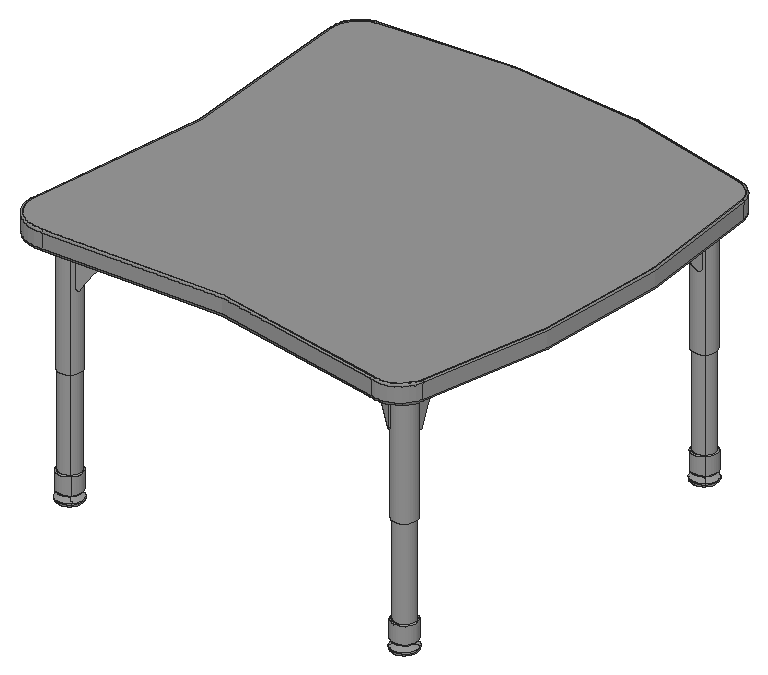
Revit family "Hierarchy Creator Square Table - Youth Height", category Furniture, Revit 2018
Family settings
  Work Plane-Based = No
  Always vertical = Yes
  Cut with Voids When Loaded = No
  Shared = No
  Room Calculation Point = No
Parameters
  Table Height = 1' - 4"
  Surface = Hierarchy Creator Square Table Youth Surface
  Leg Finish = Hierarchy Leg Platinum
  Edgeband = Hierarchy Creator Square Table Youth Edgeband
  Caster/Glide = Hierarchy Youth Leg - Glide : Hierarchy Youth Leg - Glide
Reference planes (in)
  plane 1 "Center (Front/Back)": y = 0
  plane 2: z = 0
  plane 3 "Center (Left/Right)": x = 0
  plane 4 "Table Height": z = 16
Dimensions and locks (in)
  "Table Height": plane 4 "Table Height" to level
  aligned and locked: plane 2 to level
  aligned and locked: nested 1 to plane 4 "Table Height"
Nested families (in)
  nested 1: "Creator Square Tabletop" at (0, 0, -11.14175), type "Creator Square Tabletop"
  nested 2: "Hierarchy Youth Leg - Glide" at (-12.11533, 13.32396, 0) x (0.7071, 0.7071, 0) z (0, 0, 1), type <- "Caster/Glide", Leg Finish <- "Leg Finish", Leg Height <- "Table Height", type "Hierarchy Youth Leg - Glide"
    with Leg Height 1' - 4", Leg Finish Hierarchy Leg Platinum
  nested 3: "Hierarchy Youth Leg - Glide" at (-12.92219, -10.42013, 0) x (-0.7071, 0.7071, 0) z (0, 0, 1), type <- "Caster/Glide", Leg Finish <- "Leg Finish", Leg Height <- "Table Height", type "Hierarchy Youth Leg - Glide"
    with Leg Height 1' - 4", Leg Finish Hierarchy Leg Platinum
  nested 4: "Hierarchy Youth Leg - Glide" at (10.70904, -11.9148, 0) x (-0.8, -0.6, 0) z (0, 0, 1), Leg Finish <- "Leg Finish", Leg Height <- "Table Height", type "Hierarchy Youth Leg - Glide"
    with Leg Height 1' - 4", Leg Finish Hierarchy Leg Platinum
  nested 5: "Hierarchy Youth Leg - Glide" at (11.68714, 12.00247, 0) x (0.7071, -0.7071, 0) z (0, 0, 1), Leg Finish <- "Leg Finish", Leg Height <- "Table Height", type "Hierarchy Youth Leg - Glide"
    with Leg Height 1' - 4", Leg Finish Hierarchy Leg Platinum
Definition of nested family "Creator Square Tabletop"
  Parameters (values of type "Creator Square Tabletop")
    Surface = none
    Edgeband = none
  Reference planes (in)
    plane 1 "Center (Front/Back)": y = 0
    plane 2: z = 0
    plane 3 "Center (Left/Right)": x = 0
  Forms (in)
    Extrusion 1, solid, material <- "Surface"
      sketch origin (-0.56575, 3.43167, 0) x (1, 0, 0) y (0, 1, 0)
        loop
          arc (-13.92341, 9.82192) -> (-13.13724, -1.85993) -> (-14.72069, -13.45984) r 57.81225
          arc (-14.72069, -13.45984) -> (-14.20369, -15.48798) -> (-12.23602, -16.20137) r 2.23752
          arc (-12.23602, -16.20137) -> (-0.53661, -15.76515) -> (11.0101, -17.69906) r 57.71099
          arc (11.0101, -17.69906) -> (12.41063, -17.52272) -> (13.27603, -16.40752) r 1.84386
          arc (13.27603, -16.40752) -> (15.2536, -3.72631) -> (14.35391, 9.0766) r 57.19887
          arc (14.35391, 9.0766) -> (13.90693, 9.98023) -> (13.05168, 10.51396) r 1.84475
          arc (13.05168, 10.51396) -> (0.39948, 12.66928) -> (-12.41478, 11.94942) r 57.20066
          arc (-12.41478, 11.94942) -> (-13.60974, 11.19814) -> (-13.92341, 9.82192) r 1.84413
      from 27.14175 to 28.39175
    Sweep 2, solid, material <- "Edgeband"
      path in 3D
        loop
          arc (12.48593, 13.94563, 28.39175) -> (13.34119, 13.4119, 28.39175) -> (13.78816, 12.50827, 28.39175) r 1.84475
          arc (13.78816, 12.50827, 28.39175) -> (14.68786, -0.29464, 28.39175) -> (12.71028, -12.97585, 28.39175) r 57.19887
          arc (12.71028, -12.97585, 28.39175) -> (11.84488, -14.09105, 28.39175) -> (10.44435, -14.26739, 28.39175) r 1.84386
          arc (10.44435, -14.26739, 28.39175) -> (-1.10236, -12.33348, 28.39175) -> (-12.80177, -12.7697, 28.39175) r 57.71099
          arc (-12.80177, -12.7697, 28.39175) -> (-14.76944, -12.05631, 28.39175) -> (-15.28644, -10.02817, 28.39175) r 2.23752
          arc (-15.28644, -10.02817, 28.39175) -> (-13.70299, 1.57174, 28.39175) -> (-14.48916, 13.25359, 28.39175) r 57.81225
          arc (-14.48916, 13.25359, 28.39175) -> (-14.17549, 14.62981, 28.39175) -> (-12.98053, 15.38109, 28.39175) r 1.84413
          arc (-12.98053, 15.38109, 28.39175) -> (-0.16627, 16.10095, 28.39175) -> (12.48593, 13.94563, 28.39175) r 57.20066
      profile origin (-0.16627, 16.10095, 28.39175) x (0.056277, 0.998415, 0) y (0, 0, 1)
        loop
          arc (0, -1.25) -> (0.08643, -1.2142) -> (0.12223, -1.12777) r 0.12223
          line (0.12223, -1.12777) -> (0.12223, -0.12223)
          arc (0.12223, -0.12223) -> (0.08643, -0.0358) -> (0, 0) r 0.12223
          line (0, 0) -> (0, -1.25)
  Lines and regions (in)
    sketch lines
      curve 1: arc (-12.98053, 15.38109, 28.39175) -> (-0.16627, 16.10095, 28.39175) -> (12.48593, 13.94563, 28.39175) r 57.20066
      curve 2: arc (12.48593, 13.94563, 28.39175) -> (13.34119, 13.4119, 28.39175) -> (13.78816, 12.50827, 28.39175) r 1.84475
      curve 3: arc (13.78816, 12.50827, 28.39175) -> (14.68786, -0.29464, 28.39175) -> (12.71028, -12.97585, 28.39175) r 57.19887
      curve 4: arc (12.71028, -12.97585, 28.39175) -> (11.84488, -14.09105, 28.39175) -> (10.44435, -14.26739, 28.39175) r 1.84386
      curve 5: arc (10.44435, -14.26739, 28.39175) -> (-1.10236, -12.33348, 28.39175) -> (-12.80177, -12.7697, 28.39175) r 57.71099
      curve 6: arc (-12.80177, -12.7697, 28.39175) -> (-14.76944, -12.05631, 28.39175) -> (-15.28644, -10.02817, 28.39175) r 2.23752
      curve 7: arc (-15.28662, -10.02893, 28.39175) -> (-13.70299, 1.57174, 28.39175) -> (-14.48916, 13.25359, 28.39175) r 57.81225
      curve 8: arc (-14.48916, 13.25359, 28.39175) -> (-14.17549, 14.62981, 28.39175) -> (-12.98053, 15.38109, 28.39175) r 1.84413
  Dimensions and locks (in)
    aligned and locked: plane 2 to level
Definition of nested family "Hierarchy Youth Leg - Glide"
  Parameters (values of type "Hierarchy Youth Leg - Glide")
    Leg Finish [instance] = none
    Leg Height [instance] = 1' - 4.80117"
  Reference planes (in)
    plane 1 "Center (Front/Back)": y = 0
    plane 2: z = 0
    plane 3 "Center (Left/Right)": x = 0
  Forms (in)
    Extrusion 1, solid
      sketch origin (-0.01562, 0, 0) x (1, 0, 0) y (0, 1, 0)
        loop
          circle (0.01563, 0) r 0.67016
      from 0.67618 to 10.55018
    Revolve 2, solid
      sketch origin (0, 0, 0) x (1, 0, 0) y (0, 0, 1)
        loop
          line (-0.73189, 1.80118) -> (-0.79439, 1.73867) -> (-0.79439, 0.61381) -> (-0.73176, 0.55118) -> (-0.125, 0.55118) -> (-0.125, 0.42618) -> (-0.84656, 0.16241) -> (-0.84656, 0.08994) -> (-0.81359, 0) -> (0, 0) -> (0, 1.80118) -> (-0.73189, 1.80118)
        axis (0, 1.80118) -> (0, 0)
      angle from 0 to 360
  Dimensions and locks (in)
    "Leg Height": nested 1 to level  (x2)
    aligned and locked: plane 2 to level
  Automatic sketch dimensions
    plane 1 "Center (Front/Back)" to Extrusion 1 sketch curve = 0' - 0"
    Extrusion 1 sketch curve to plane 3 "Center (Left/Right)" = 0' - 0"
    Revolve 2 sketch curve to level = 0' - 0"
    Revolve 2 sketch curve to plane 3 "Center (Left/Right)" = 0' - 0"  (x2)
    Revolve 2 sketch curve to plane 3 "Center (Left/Right)" = 0' - 0 1/8"
    Revolve 2 sketch curve to Revolve 2 sketch curve = 0' - 0.60676"
    Revolve 2 sketch curve to Revolve 2 sketch curve = 0' - 0.73189"
    Revolve 2 sketch curve to Revolve 2 sketch curve = 0' - 0.06263"  (x2)
    Revolve 2 sketch curve to Revolve 2 sketch curve = 0' - 0.08183"
    Revolve 2 sketch curve to Revolve 2 sketch curve = 0' - 0.03297"
    level to Revolve 2 sketch curve = 0' - 0.08994"
    Revolve 2 sketch curve to Revolve 2 sketch curve = 0' - 0.07247"
    level to Revolve 2 sketch curve = 0' - 0.42618"
    Revolve 2 sketch curve to Revolve 2 sketch curve = 0' - 0 1/8"
    Revolve 2 sketch curve to Revolve 2 sketch curve = 0' - 1.12486"
    Revolve 2 sketch curve to Revolve 2 sketch curve = 0' - 0 1/16"
    Revolve 2 sketch curve to level = 2' - 0"
    Revolve 2 sketch curve to Revolve 2 sketch curve = 8' - 4.91764"
    radius of Extrusion 1 sketch curve = 0' - 0.67016"
  Nested families (in)
    nested 1: "Hierarchy Youth Upper Leg 2023" at (0, 0, 0), Leg Finish <- "Leg Finish", type "Hierarchy Youth Upper Leg 2023"
      with Leg Finish none
  Definition of nested family "Hierarchy Youth Upper Leg 2023"
    Parameters (values of type "Hierarchy Youth Upper Leg 2023")
      Leg Finish [instance] = none
    Reference planes (in)
      plane 1 "Center (Front/Back)": y = 0
      plane 2: z = 0
      plane 3 "Center (Left/Right)": x = 0
    Forms (in)
      Extrusion 1, solid, material <- "Leg Finish"
        sketch origin (0, 0, -11.001) x (1, 0, 0) y (0, 1, 0)
          loop
            circle (0, 0) r 0.75
        from 19.67618 to 27.67618
      Extrusion 2, solid, material <- "Leg Finish"
        sketch origin (0, 0, -11.001) x (1, 0, 0) y (0, 1, 0)
          loop
            line (-1.70174, 0.19183) -> (-2.88626, -2.26116)
            arc (-2.88626, -2.26116) -> (-2.83993, -3.09822) -> (-2.1063, -3.50394) r 0.86614
            line (-2.1063, -3.50394) -> (2.1063, -3.50394)
            arc (2.1063, -3.50394) -> (2.83993, -3.09822) -> (2.88626, -2.26116) r 0.86614
            line (2.88626, -2.26116) -> (1.70174, 0.19183)
            arc (1.70174, 0.19183) -> (0, 1.25984) -> (-1.70174, 0.19183) r 1.88976
        from 27.67618 to 27.80217
      Extrusion 3, solid, material <- "Leg Finish"
        sketch origin (-1.48519, 8.66524, -11.001) x (-0.434844, 0.900506, 0) y (0, 0, 1)
          loop
            line (-9.01425, 27.67618) -> (-11.80952, 27.67618)
            arc (-11.80952, 27.67618) -> (-11.92325, 27.58993) -> (-11.87088, 27.45715) r 0.11811
            arc (-11.87088, 27.45715) -> (-10.39364, 26.29679) -> (-9.23328, 24.81955) r 7.87402
            arc (-9.23328, 24.81955) -> (-9.1005, 24.76717) -> (-9.01425, 24.88091) r 0.11811
            line (-9.01425, 24.88091) -> (-9.01425, 27.67618)
        from -1.94075 to -1.81476
      Extrusion 4, solid, material <- "Leg Finish"
        sketch origin (1.48519, 8.66524, -11.001) x (0.434844, 0.900506, 0) y (0, 0, -1)
          loop
            line (-9.01425, -27.67618) -> (-9.01425, -24.88091)
            arc (-9.01425, -24.88091) -> (-9.1005, -24.76717) -> (-9.23328, -24.81955) r 0.11811
            arc (-9.23328, -24.81955) -> (-10.39364, -26.29679) -> (-11.87088, -27.45715) r 7.87402
            arc (-11.87088, -27.45715) -> (-11.92325, -27.58993) -> (-11.80952, -27.67618) r 0.11811
            line (-11.80952, -27.67618) -> (-9.01425, -27.67618)
        from -1.94075 to -1.81476
    Dimensions and locks (in)
      aligned and locked: plane 2 to level
